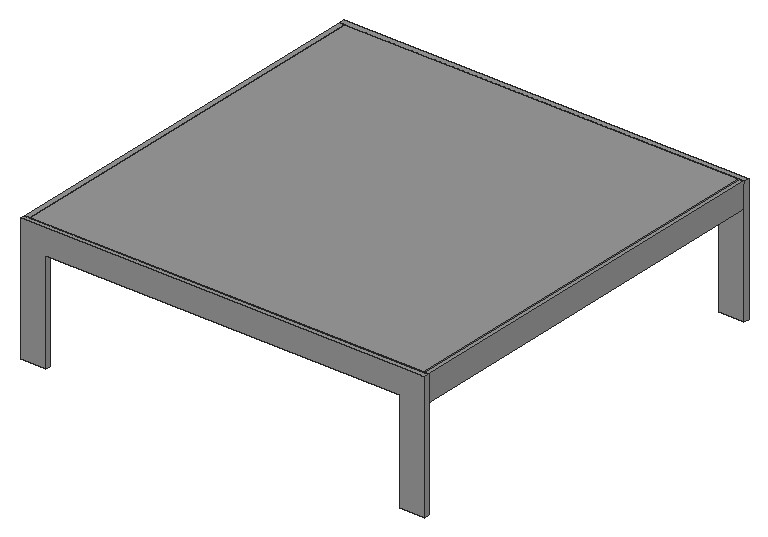
Revit family "Andreu World Sand Table ME-4315", category Mobiliario, Revit 2014
Parameters (values of type "ME-4315 800x800")
  Width = 800 mm
  URL = "http://www.andreuworld.com"
  Referencia = "ME-4315"
  Modelo = "Sand Table"  # constant formula
  Metal = Andreu World Aluminum  Earth Brown
  Length = 800 mm
  Height = 250 mm
  Fabricante = "Andreu World"  # constant formula
  Descripción = "Coffee table. Decorative ceramic table top."  # constant formula
  Ceramic Top = Andreu World Decorative Ceramic Earth Brown
Reference planes
  plane 1 "Centro (Frontal/Posterior)": y = 0
  plane 2: z = 0
  plane 3 "Centro (Izquierda/Derecha)": x = 0
  plane 4: x = -400
  plane 5: x = 400
  plane 6: y = 400
  plane 7: y = -400
  plane 8: z = 250
  plane 9: z = 200
  plane 10: x = -350
  plane 11: x = 350
  plane 12: y = 350
  plane 13: y = -350
  plane 14: x = -390
  plane 15: y = 390
  plane 16: x = 390
  plane 17: y = -390
Forms (mm)
  Extrusion 1, solid, material "Andreu World Aluminum  Earth Brown" <- "Metal", detail levels medium+fine
    sketch origin (0, 0, 0) x (1, 0, 0) y (0, 0, 1)
      loop
        line (-400, 0) -> (-350, 0) -> (-350, 200) -> (350, 200) -> (350, 0) -> (400, 0) -> (400, 250) -> (-400, 250) -> (-400, 0)
    from 390 to 400
  Extrusion 2, solid, material "Andreu World Aluminum  Earth Brown" <- "Metal", detail levels medium+fine
    sketch origin (0, 390, 0) x (-1, 0, 0) y (0, 0, -1)
      loop
        line (-400, -250) -> (-390, -250) -> (-390, -200) -> (-400, -200) -> (-400, -250)
    from 0 to 780
  Extrusion 3, solid, material "Andreu World Aluminum  Earth Brown" <- "Metal", detail levels medium+fine
    sketch origin (0, 390, 0) x (1, 0, 0) y (0, 0, 1)
      loop
        line (-390, 230) -> (-390, 200) -> (-350, 200) -> (-350, 230) -> (-390, 230)
    from 0 to 780
  Extrusion 4, solid, material "Andreu World Decorative Ceramic Earth Brown" <- "Ceramic Top", detail levels medium+fine
    sketch origin (0, 0, 0) x (1, 0, 0) y (0, 1, 0)
      loop
        line (-390, 390) -> (-390, -390) -> (390, -390) -> (390, 390) -> (-390, 390)
    from 230 to 250
  Extrusion 5, solid, material "Andreu World Aluminum  Earth Brown" <- "Metal", detail levels medium+fine
    sketch origin (0, 0, 0) x (1, 0, 0) y (0, 0, 1)
      loop
        line (-400, 250) -> (-400, 0) -> (-350, 0) -> (-350, 200) -> (350, 200) -> (350, 0) -> (400, 0) -> (400, 250) -> (-400, 250)
    from -400 to -390
  Extrusion 6, solid, material "Andreu World Aluminum  Earth Brown" <- "Metal", detail levels medium+fine
    sketch origin (0, 390, 0) x (1, 0, 0) y (0, 0, 1)
      loop
        line (-400, 250) -> (-400, 200) -> (-390, 200) -> (-390, 250) -> (-400, 250)
    from 0 to 780
Lines and regions (mm)
  model lines, detail levels coarse+medium
    curve 1: line (-400, 400, 0) -> (400, 400, 0)
    curve 2: line (-400, -400, 0) -> (-400, 400, 0)
    curve 3: line (400, -400, 0) -> (-400, -400, 0)
    curve 4: line (400, 400, 0) -> (400, -400, 0)
    curve 5: line (-390, 390, 0) -> (390, 390, 0)
    curve 6: line (-390, -390, 0) -> (-390, 390, 0)
    curve 7: line (390, -390, 0) -> (-390, -390, 0)
    curve 8: line (390, 390, 0) -> (390, -390, 0)
    curve 9: line (-400, 400, 0) -> (-350, 400, 0)
    curve 10: line (-400, 390, 0) -> (-400, 400, 0)
    curve 11: line (-350, 390, 0) -> (-400, 390, 0)
    curve 12: line (-350, 400, 0) -> (-350, 390, 0)
    curve 13: line (350, 400, 0) -> (400, 400, 0)
    curve 14: line (350, 390, 0) -> (350, 400, 0)
    curve 15: line (400, 390, 0) -> (350, 390, 0)
    curve 16: line (400, 400, 0) -> (400, 390, 0)
    curve 17: line (350, -390, 0) -> (400, -390, 0)
    curve 18: line (350, -400, 0) -> (350, -390, 0)
    curve 19: line (400, -400, 0) -> (350, -400, 0)
    curve 20: line (400, -390, 0) -> (400, -400, 0)
    curve 21: line (-400, -400, 0) -> (-350, -400, 0)
    curve 22: line (-400, -390, 0) -> (-400, -400, 0)
    curve 23: line (-350, -390, 0) -> (-400, -390, 0)
    curve 24: line (-350, -400, 0) -> (-350, -390, 0)
Dimensions and locks
  "Length": plane 4 to plane 5
  equal spacing: plane 4, plane 3 "Centro (Izquierda/Derecha)", plane 5
  "Width": plane 6 to plane 7
  equal spacing: plane 6, plane 1 "Centro (Frontal/Posterior)", plane 7
  "Height": plane 8 to level
  locked: plane 8 to plane 9 at 50
  locked: plane 6 to plane 12 at 50
  locked: plane 13 to plane 7 at 50
  locked: plane 11 to plane 5 at 50
  locked: plane 4 to plane 10 at 50
  locked: plane 4 to plane 14 at 10
  locked: plane 16 to plane 5 at 10
  locked: plane 6 to plane 15 at 10
  locked: plane 17 to plane 7 at 10
  aligned and locked: level to plane 2
  aligned and locked: plane 8 to Extrusion 1 sketch curve
  aligned and locked: Extrusion 2 to Extrusion 1
  aligned and locked: plane 4 to curve 2
  aligned and locked: curve 1 to plane 6
  aligned and locked: curve 4 to plane 5
  aligned and locked: curve 5 to plane 15
  aligned and locked: plane 14 to curve 6
  aligned and locked: plane 17 to curve 7
  aligned and locked: curve 8 to plane 16
  aligned and locked: plane 4 to curve 10
  aligned and locked: plane 15 to curve 11
  aligned and locked: curve 12 to plane 10
  aligned and locked: plane 11 to curve 14
  aligned and locked: curve 13 to plane 6
  aligned and locked: plane 15 to curve 15
  aligned and locked: curve 20 to plane 5
  aligned and locked: plane 7 to curve 19
  aligned and locked: curve 17 to plane 17
  aligned and locked: plane 11 to curve 18
  aligned and locked: curve 22 to plane 4
  aligned and locked: curve 21 to plane 7
  aligned and locked: plane 10 to curve 24
  aligned and locked: plane 17 to curve 23
  aligned and locked: Extrusion 5 sketch curve to Extrusion 1  (x8)
  aligned and locked: plane 6 to Extrusion 5
  aligned and locked: Extrusion 5 to plane 15
  aligned and locked: plane 16 to Extrusion 4
  aligned and locked: Extrusion 1 to plane 7
  aligned and locked: plane 17 to Extrusion 1
  aligned and locked: Extrusion 3 to plane 14
  aligned and locked: plane 10 to Extrusion 3
  aligned and locked: Extrusion 3 to Extrusion 4
  aligned and locked: Extrusion 2 to Extrusion 4
  aligned and locked: Extrusion 6 to plane 4
  aligned and locked: plane 14 to Extrusion 6
Automatic sketch dimensions
  Extrusion 1 sketch curve to level = 0 mm  (x2)
  Extrusion 1 sketch curve to plane 4 = 0 mm
  Extrusion 1 sketch curve to plane 10 = 0 mm
  Extrusion 1 sketch curve to plane 11 = 0 mm
  Extrusion 1 sketch curve to plane 5 = 0 mm
  Extrusion 1 sketch curve to plane 9 = 0 mm
  Extrusion 2 sketch curve to plane 5 = 0 mm
  Extrusion 2 sketch curve to plane 9 = 0 mm
  Extrusion 2 sketch curve to plane 16 = 0 mm
  Extrusion 2 sketch curve to plane 8 = 0 mm
  Extrusion 3 sketch curve to plane 9 = 0 mm
  Extrusion 3 sketch curve to plane 14 = 0 mm
  Extrusion 3 sketch curve to plane 10 = 0 mm
  Extrusion 3 sketch curve to plane 8 = 20 mm
  Extrusion 4 sketch curve to plane 14 = 0 mm
  Extrusion 4 sketch curve to plane 16 = 0 mm
  Extrusion 4 sketch curve to plane 17 = 0 mm
  Extrusion 4 sketch curve to plane 15 = 0 mm
  plane 4 to Extrusion 6 sketch curve = 0 mm
  Extrusion 6 sketch curve to plane 9 = 0 mm
  plane 14 to Extrusion 6 sketch curve = 0 mm
  Extrusion 6 sketch curve to plane 8 = 0 mm
